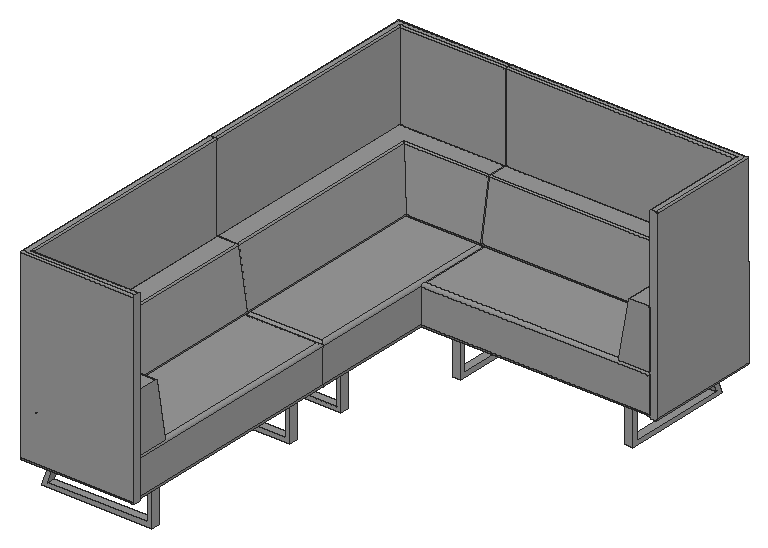
Revit family "TP6HR - TP6LR", category Furniture, Revit 2016
Family settings
  OmniClass Number = 23.40.20.00
  OmniClass Title = General Furniture and Specialties
  Work Plane-Based = No
  Always vertical = Yes
  Cut with Voids When Loaded = No
  Shared = No
  Room Calculation Point = No
Parameters (values of type "TP6HL-K")
  URL = "www.gof.co.uk"
  Seat = GABRIEL Byron_02101
  Range = "SEATING"
  Product Data Specification = "https://gof.co.uk/wp-content/uploads/2016/02/Take-Off-Task-Product-Data-Sheet.compressed.pdf"
  Product Code = "TP6HL-K"
  Product Brochure = "https://gof.co.uk/wp-content/uploads/2016/04/Take_Off_Reception_Brochure_2016.pdf"
  Model = "TAKE OFF PLUS"
  Manufacturer = "Gresham Office Furniture"  # constant formula
  Low Surround = GABRIEL Byron_02101
  Low Surround (Vis) = no
  High Surround (Vis) = yes
  High Surround = GABRIEL Byron_02101
  Circular Leg Frame = no
  Back = GABRIEL Byron_15101
  Angled Base Frame = yes
Types (5, lengths in mm): name | Product Code | Low Surround (Vis) | High Surround (Vis) | Circular Leg Frame | Angled Base Frame
  (no name) | "TP6HL-K" | no | yes | no | yes
  TP6LL-K | "TP6LL-K" | yes | no | no | yes
  TP6HL-K | "TP6HL-K" | no | yes | no | yes
  TP6HL-4 | "TP6HL-4" | no | yes | yes | no
  TP6LL-4 | "TP6LL-4" | yes | no | yes | no
Reference planes
  plane 1 "Center (Front/Back)": y = 0
  plane 2: z = 0
  plane 3 "Center (Left/Right)": x = 0
  plane 4: y = 347.5
  plane 5: x = 695
  plane 6: x = -1446
  plane 7: y = 302.5
  plane 8: y = -347.5
  plane 9: z = 1360
  plane 10: x = -650
  plane 11: x = 1401
Dimensions and locks
  plane 9 to level = 1360 mm
  locked: plane 10 to nested 2 at 45
  locked: plane 7 to plane 4 at 45
  locked: plane 8 to plane 4 at 695
  equal spacing: plane 8, plane 1 "Center (Front/Back)", plane 4
  aligned and locked: level to plane 2
Nested families
  nested 1: "TP4H - TP4L Component" at (723, 0, 0) x (-1, 0, 0) z (0, 0, 1), type "TP4H-K"
  nested 2: "TP4H - TP4L Component" at (-347.5, -375.5, 0) x (0, -1, 0) z (0, 0, 1), type "TP4H-K"
  nested 3: "TP4H - TP4L Component" at (-347.5, -1821.5, 0) x (0, 1, 0) z (0, 0, 1), type "TP4H-K"
Definition of nested family "TP4H - TP4L Component"
  Parameters (values of type "TP4H-K")
    URL = "www.gof.co.uk"
    Seat = none
    Range = "SEATING"
    Product Data Specification = "https://gof.co.uk/wp-content/uploads/2016/02/Take-Off-Task-Product-Data-Sheet.compressed.pdf"
    Product Code = "TP4H-K"
    Product Brochure = "https://gof.co.uk/wp-content/uploads/2016/04/Take_Off_Reception_Brochure_2016.pdf"
    Model = "TAKE OFF PLUS"
    Manufacturer = "Gresham Office Furniture"  # constant formula
    Low Surround = none
    Low Surround (Vis) = no
    High Surround (Vis) = yes
    High Surround = none
    Circular Leg Frame = no
    Back = none
    Angled Base Frame = yes
  Types (5, lengths in mm): name | Product Code | Low Surround (Vis) | High Surround (Vis) | Circular Leg Frame | Angled Base Frame
    (no name) | "TP4H-K" | no | yes | no | yes
    TP4L-K | "TP4L-K" | yes | no | no | yes
    TP4H-K | "TP4H-K" | no | yes | no | yes
    TP4H-4 | "TP4H-4" | no | yes | yes | no
    TP4L-4 | "TP4L-4" | yes | no | yes | no
  Reference planes
    plane 1 "Center (Front/Back)": y = 0
    plane 2: z = 0
    plane 3 "Center (Left/Right)": x = 0
    plane 4: y = 347.5
    plane 5: x = 723
    plane 6: x = -723
    plane 7 "Right Inner": x = 678
    plane 8 "Left Inner": x = -678
    plane 9: y = 302.5
    plane 10: y = -347.5
  Forms (mm)
    Extrusion 1, solid, material <- "Seat"
      sketch origin (0, 0, 215) x (0, 1, 0) y (-1, 0, 0)
        loop
          line (302.5, 678) -> (-347.5, 678) -> (-347.5, -723) -> (302.5, -723) -> (302.5, 678)
      from 0 to 250
    Sweep 2, solid, material <- "Back"
      path in 3D
        loop
          line (-678, -347.5, 465) -> (-678, 302.5, 465) -> (723, 302.5, 465)
      profile origin (22.5, 302.5, 465) x (0, 1, 0) y (0, 0, 1)
        loop
          line (-132.43, 351.697) -> (-190.985, 11.697)
          arc (-190.985, 11.697) -> (-188.778, 3.557) -> (-181.131, 0) r 10
          line (-181.131, 0) -> (-10, 0)
          arc (-10, 0) -> (-2.929, 2.929) -> (0, 10) r 10
          line (0, 10) -> (0, 350)
          arc (0, 350) -> (-2.929, 357.071) -> (-10, 360) r 10
          line (-10, 360) -> (-122.575, 360)
          arc (-122.575, 360) -> (-129.018, 357.648) -> (-132.43, 351.697) r 10
    Sweep 3, solid, material <- "Low Surround", visible <- "Low Surround (Vis)"
      path in 3D
        loop
          line (-678, -347.5, 465) -> (-678, 302.5, 465) -> (723, 302.5, 465)
      profile origin (22.5, 302.5, 465) x (0, 1, 0) y (0, 0, 1)
        loop
          arc (10, 360) -> (2.929, 357.071) -> (0, 350) r 10
          line (0, 350) -> (0, -240)
          arc (0, -240) -> (2.929, -247.071) -> (10, -250) r 10
          line (10, -250) -> (35, -250)
          arc (35, -250) -> (42.071, -247.071) -> (45, -240) r 10
          line (45, -240) -> (45, 350)
          arc (45, 350) -> (42.071, 357.071) -> (35, 360) r 10
          line (35, 360) -> (10, 360)
    Sweep 4, solid, material <- "High Surround", visible <- "High Surround (Vis)"
      path in 3D
        loop
          line (-678, -347.5, 1000) -> (-678, 302.5, 1000) -> (723, 302.5, 1000)
      profile origin (22.5, 302.5, 1000) x (0, 1, 0) y (0, 0, 1)
        loop
          arc (10, 360) -> (2.929, 357.071) -> (0, 350) r 10
          line (0, 350) -> (0, -775)
          arc (0, -775) -> (2.929, -782.071) -> (10, -785) r 10
          line (10, -785) -> (35, -785)
          arc (35, -785) -> (42.071, -782.071) -> (45, -775) r 10
          line (45, -775) -> (45, 350)
          arc (45, 350) -> (42.071, 357.071) -> (35, 360) r 10
          line (35, 360) -> (10, 360)
    Sweep 5, void
      path in 3D
        loop
          line (723, -347.5, 465) -> (723, 302.5, 465) -> (-678, 302.5, 465) -> (-678, -347.5, 465) -> (723, -347.5, 465)
      profile origin (22.5, -347.5, 465) x (0, 1, 0) y (0, 0, 1)
        loop
          line (0, 0) -> (0, -20)
          arc (0, -20) -> (5.858, -5.858) -> (20, 0) r 20
          line (20, 0) -> (0, 0)
    Sweep 6, void
      path in 3D
        loop
          line (723, -347.5, 215) -> (723, 302.5, 215) -> (-678, 302.5, 215) -> (-678, -347.5, 215) -> (723, -347.5, 215)
      profile origin (22.5, -347.5, 215) x (0, -1, 0) y (0, 0, -1)
        loop
          line (0, 0) -> (-20, 0)
          arc (-20, 0) -> (-5.858, -5.858) -> (0, -20) r 20
          line (0, -20) -> (0, 0)
  Cuts and joins
    Sweep 5, Sweep 6 cuts Sweep 4
    Sweep 5, Sweep 6 cuts Extrusion 1
    Sweep 5, Sweep 6 cuts Sweep 2
  Lines and regions (mm)
    sketch lines
      curve 1: line (-678, 302.5, 465) -> (723, 302.5, 465)
      curve 2: line (-678, -347.5, 465) -> (-678, 302.5, 465)
      curve 3: line (-678, 302.5, 465) -> (723, 302.5, 465)
      curve 4: line (-678, -347.5, 465) -> (-678, 302.5, 465)
      curve 5: line (-678, 302.5, 1000) -> (723, 302.5, 1000)
      curve 6: line (-678, -347.5, 1000) -> (-678, 302.5, 1000)
      curve 7: line (-678, -347.5, 465) -> (723, -347.5, 465)
      curve 8: line (723, -347.5, 465) -> (723, 302.5, 465)
      curve 9: line (-678, 302.5, 465) -> (-678, -347.5, 465)
      curve 10: line (723, 302.5, 465) -> (-678, 302.5, 465)
      curve 11: line (-678, -347.5, 215) -> (723, -347.5, 215)
      curve 12: line (723, -347.5, 215) -> (723, 302.5, 215)
      curve 13: line (-678, 302.5, 215) -> (-678, -347.5, 215)
      curve 14: line (723, 302.5, 215) -> (-678, 302.5, 215)
  Dimensions and locks
    plane 6 to plane 5 = 1446 mm
    locked: plane 7 "Right Inner" to plane 5 at 45
    locked: plane 6 to plane 8 "Left Inner" at 45
    locked: plane 9 to plane 4 at 45
    locked: plane 10 to plane 4 at 695
    equal spacing: plane 10, plane 1 "Center (Front/Back)", plane 4
    locked: nested 1 to plane 5 at 170
    locked: nested 1 to plane 10 at 26
    locked: plane 6 to nested 2 at 170
    locked: nested 2 to plane 10 at 26
    locked: nested 3 to plane 5 at 62.5
    locked: nested 3 to plane 10 at 20
    locked: plane 6 to nested 4 at 62.5
    locked: nested 4 to plane 10 at 20
    plane 6 to plane 3 "Center (Left/Right)" to plane 5 = 723 mm, 723 mm
    aligned and locked: level to plane 2
  Automatic sketch dimensions
    Extrusion 1 sketch curve to plane 8 "Left Inner" = 0 mm
    Extrusion 1 sketch curve to plane 10 = 0 mm
    Extrusion 1 sketch curve to plane 9 = 0 mm
    plane 7 "Right Inner" to Extrusion 1 sketch curve = 45 mm
    Sweep 2 sketch curve to profile plane = 0 mm  (x2)
    profile plane to Sweep 2 sketch curve = 10 mm  (x2)
    Sweep 2 sketch curve to Sweep 2 sketch curve = 10 mm  (x2)
    Sweep 2 sketch curve to Sweep 2 sketch curve = 112.575 mm
    Sweep 2 sketch curve to Sweep 2 sketch curve = 9.855 mm
    Sweep 2 sketch curve to Sweep 2 sketch curve = 171.131 mm
    profile plane to Sweep 2 sketch curve = 11.697 mm
    Sweep 2 sketch curve to Sweep 2 sketch curve = 340 mm
    profile plane to Sweep 3 sketch curve = 0 mm
    Sweep 3 sketch curve to profile plane = 10 mm  (x2)
    Sweep 3 sketch curve to Sweep 3 sketch curve = 25 mm  (x2)
    Sweep 3 sketch curve to Sweep 3 sketch curve = 10 mm
    Sweep 3 sketch curve to profile plane = 250 mm
    profile plane to Sweep 3 sketch curve = 350 mm
    profile plane to Sweep 4 sketch curve = 0 mm
    Sweep 4 sketch curve to profile plane = 10 mm  (x2)
    Sweep 4 sketch curve to Sweep 4 sketch curve = 25 mm  (x2)
    Sweep 4 sketch curve to Sweep 4 sketch curve = 10 mm
    Sweep 4 sketch curve to profile plane = 785 mm
    profile plane to Sweep 4 sketch curve = 350 mm
    Sweep 5 sketch curve to profile plane = 0 mm  (x2)
    Sweep 5 sketch curve to Sweep 5 sketch curve = 20 mm
    profile plane to Sweep 6 sketch curve = 0 mm
    Sweep 6 sketch curve to profile plane = 0 mm
    Sweep 6 sketch curve to Sweep 6 sketch curve = 20 mm
  Nested families
    nested 1: "Angled Base Frame" at (-122, -83, 0), visible <- "Angled Base Frame", type "Angled Base Frame"
    nested 2: "Angled Base Frame" at (122, -83, 0) x (-1, 0, 0) z (0, 0, 1), visible <- "Angled Base Frame", type "Angled Base Frame"
    nested 3: "Circular Leg Frame" at (-122, -83, 0), visible <- "Circular Leg Frame", type "Circular Leg Frame"
    nested 4: "Circular Leg Frame" at (122, -83, 0) x (-1, 0, 0) z (0, 0, 1), visible <- "Circular Leg Frame", type "Circular Leg Frame"
  Definition of nested family "Angled Base Frame"
    Parameters (values of type "Angled Base Frame")
      Width = 1690 mm
      URL = "www.gof.co.uk"
      Range = "TAKE OFF PLUS"
      Product Code = ""
      Manufacturer = "Gresham Office Funiture"  # constant formula
      Frame = none
    Reference planes
      plane 1 "Center (Front/Back)": y = 83
      plane 2: z = 0
      plane 3 "Center (Left/Right)": x = 0
      plane 4: x = -845
      plane 5: x = 845
      plane 6: y = 430.5
      plane 7: y = -264.5
    Forms (mm)
      Extrusion 1, solid, material <- "Frame"
        sketch origin (675, 334.886, 702) x (0, -1, 0) y (0, 0, 1)
          loop
            line (-101.614, -702) -> (573.386, -702) -> (573.386, -487) -> (-23.614, -487) -> (-101.614, -702)
          loop
            line (548.386, -677) -> (548.386, -512) -> (-6.089, -512) -> (-65.95, -677) -> (548.386, -677)
        from 0 to 50
    Dimensions and locks
      "Width": plane 4 to plane 5
      locked: plane 6 to plane 7 at 695
      equal spacing: plane 4, plane 3 "Center (Left/Right)", plane 5
      Extrusion 1 sketch curve to Extrusion 1 sketch curve = 25 mm  (x2)
      Extrusion 1 sketch curve to Extrusion 1 sketch curve = 675 mm
      Extrusion 1 sketch curve to Extrusion 1 sketch curve = 597 mm
      locked: Extrusion 1 to plane 5 at 170
      locked: Extrusion 1 to plane 7 at 26
      equal spacing: plane 6, plane 1 "Center (Front/Back)", plane 7
      aligned and locked: level to plane 2
    Automatic sketch dimensions
      Extrusion 1 sketch curve to level = 0 mm
      plane 6 to Extrusion 1 sketch curve = 6 mm
      Extrusion 1 sketch curve to plane 6 = 29.664 mm
      Extrusion 1 sketch curve to Extrusion 1 sketch curve = 17.525 mm
      level to Extrusion 1 sketch curve = 25 mm
      Extrusion 1 sketch curve to Extrusion 1 sketch curve = 165 mm
  Definition of nested family "Circular Leg Frame"
    Parameters (values of type "Circular Leg Frame")
      Width = 1690 mm
      URL = "www.gof.co.uk"
      Range = "TAKE OFF PLUS"
      Product Code = ""
      Manufacturer = "Gresham Office Funiture"  # constant formula
      Frame = none
      Foot = none
    Reference planes
      plane 1 "Center (Front/Back)": y = 83
      plane 2: z = 0
      plane 3 "Center (Left/Right)": x = 0
      plane 4: x = -845
      plane 5: x = 845
      plane 6: y = 430.5
      plane 7: y = -264.5
    Forms (mm)
      Extrusion 1, solid, material <- "Frame"
        sketch origin (770, 353.886, 702) x (0, -1, 0) y (0, 0, 1)
          loop
            line (553.386, -487) -> (-26.614, -487) -> (-26.614, -537) -> (553.386, -537) -> (553.386, -487)
        from 0 to 25
      Extrusion 2, solid, material <- "Frame"
        sketch origin (0, -25, 5) x (-1, 0, 0) y (0, -1, 0)
          loop
            circle (-757.5, 194.5) r 25
        from 0 to 210
      Extrusion 3, solid, material <- "Frame"
        sketch origin (0, 239, 5) x (-1, 0, 0) y (0, -1, 0)
          loop
            circle (-757.5, -161.5) r 25
        from 0 to 210
      Extrusion 4, solid, material <- "Foot"
        sketch origin (0, 0, 0) x (1, 0, 0) y (0, 1, 0)
          loop
            circle (757.5, -219.5) r 15
        from 0 to 5
      Extrusion 5, solid, material <- "Foot"
        sketch origin (0, 199, 0) x (1, 0, 0) y (0, 1, 0)
          loop
            circle (757.5, 201.5) r 15
        from 0 to 5
    Cuts and joins
      joined: Extrusion 1, Extrusion 2, Extrusion 3
    Dimensions and locks
      "Width": plane 4 to plane 5
      locked: plane 6 to plane 7 at 695
      equal spacing: plane 4, plane 3 "Center (Left/Right)", plane 5
      Extrusion 1 sketch curve to Extrusion 1 sketch curve = 50 mm
      locked: Extrusion 1 to plane 5 at 75
      locked: Extrusion 2 to plane 7 at 20
      Extrusion 2 to plane 7 = 70 mm
      locked: plane 6 to Extrusion 3 at 5
      plane 6 to Extrusion 5 = 15 mm
      Extrusion 4 to plane 7 = 45 mm
      plane 6 to Extrusion 5 = 30 mm
      equal spacing: plane 6, plane 1 "Center (Front/Back)", plane 7
      aligned and locked: level to plane 2
      aligned and locked: Extrusion 2 to Extrusion 1
    Automatic sketch dimensions
      Extrusion 1 sketch curve to plane 6 = 50 mm
      plane 7 to Extrusion 1 sketch curve = 65 mm
      level to Extrusion 1 sketch curve = 165 mm
      plane 5 to Extrusion 2 sketch curve = 87.5 mm
      plane 7 to Extrusion 2 sketch curve = 45 mm
      plane 6 to Extrusion 3 sketch curve = 30 mm
      Extrusion 3 sketch curve to plane 5 = 87.5 mm
      plane 5 to Extrusion 4 sketch curve = 87.5 mm
      plane 7 to Extrusion 4 sketch curve = 45 mm
      plane 6 to Extrusion 5 sketch curve = 30 mm
      Extrusion 5 sketch curve to plane 5 = 87.5 mm
      radius of Extrusion 2 sketch curve = 25 mm
      radius of Extrusion 3 sketch curve = 25 mm
      radius of Extrusion 4 sketch curve = 15 mm
      radius of Extrusion 5 sketch curve = 15 mm
